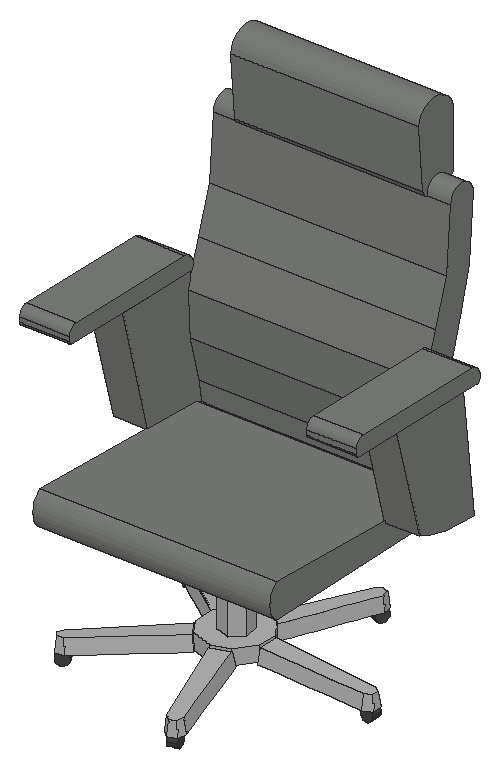
Revit family
Reference planes
  plane 1 "Center (Front/Back)": y = 0
  plane 2: z = 0
  plane 3 "Center (Left/Right)": x = 0
  plane 4: x = -303.507
  plane 5: x = 250
  plane 6: x = -276.507
  plane 7: x = 277
  plane 8: z = 1131
  plane 9: y = 358.057
  plane 10: y = 259.057
  plane 11: z = 931
Forms (mm)
  Extrusion 1, solid, material "기본재질"
    sketch origin (0, 0, 0) x (0, 1, 0) y (0, 0, 1)
      loop
        line (268.043, 796.847) -> (235.795, 699.072) -> (204.809, 600.936) -> (210.065, 499.196) -> (236.021, 399.546) -> (252.673, 297.923)
        arc (252.673, 297.923) -> (281.997, 268.919) -> (314.161, 294.738) r 30.989
        line (314.161, 294.738) -> (301.189, 394.861) -> (283.04, 495.163) -> (278.462, 596.121) -> (307.666, 693.771) -> (332.924, 792.48) -> (344.015, 941.494)
        arc (344.015, 941.494) -> (312.517, 972.992) -> (281.019, 941.494) r 31.498
        line (281.019, 941.494) -> (268.043, 796.847)
    from -276.507 to 277
  Extrusion 2, solid, material "기본재질"
    sketch origin (277, 0, 0) x (0, 1, 0) y (0, 0, 1)
      loop
        line (197.676, 676.756) -> (-120.084, 675.383)
        arc (-120.084, 675.383) -> (-134.049, 669.599) -> (-139.833, 655.634) r 19.749
        line (-139.833, 655.634) -> (-139.342, 642.937)
        arc (-139.342, 642.937) -> (-137.637, 638.821) -> (-133.521, 637.116) r 5.821
        line (-133.521, 637.116) -> (211.227, 637.116)
        arc (211.227, 637.116) -> (214.885, 638.199) -> (217.462, 641.011) r 7.138
        arc (217.462, 641.011) -> (219.128, 649.455) -> (218.877, 658.058) r 38.507
        arc (218.877, 658.058) -> (211.157, 670.673) -> (197.676, 676.756) r 25.115
    from 0 to 116.296
  Extrusion 3, solid, material "기본재질"
    sketch origin (277, 0, 0) x (0, 1, 0) y (0, 0, 1)
      loop
        line (14.72, 635.616) -> (88.483, 360.327) -> (122.438, 347.969) -> (166.284, 337.846) -> (247.024, 332.393) -> (211.308, 635.616) -> (14.72, 635.616)
    from 0 to 80.296
  Extrusion 4, solid, material "기본재질"
    sketch origin (277, 0, 0) x (0, 1, 0) y (0, 0, 1)
      loop
        arc (-226.809, 374.871) -> (-247.321, 334.761) -> (-226.809, 294.65) r 49.472
        line (-226.809, 294.65) -> (223.056, 305.329)
        arc (223.056, 305.329) -> (249.419, 329.994) -> (227.914, 358.991) r 27.117
        line (227.914, 358.991) -> (-226.809, 374.871)
    from -553.507 to 0
  Extrusion 5, solid, material "알루미늄"
    sketch origin (0, 0, 0) x (1, 0, 0) y (0, 1, 0)
      loop
        line (-75.396, 25.332) -> (-75.005, -25.496) -> (-48.544, -62.756) -> (1.095, -78.463) -> (42.817, -65.437) -> (73.09, -23.088) -> (73.583, 22.609) -> (43.39, 63.5) -> (0.083, 78.09) -> (-48.137, 62.011) -> (-75.396, 25.332)
    from 46.511 to 81.434
  Extrusion 6, solid, material "알루미늄"
    sketch origin (0, 0, 0) x (1, 0, 0) y (0, 1, 0)
      loop
        line (-33.287, 10.816) -> (-26.01, -23.42) -> (7.277, -34.235) -> (33.287, -10.816) -> (26.01, 23.42) -> (-7.277, 34.235) -> (-33.287, 10.816)
    from 81.38 to 294.671
  SweptBlend 7, solid, material "알루미늄"
    path origin (78.236, -238.661, 21.479) x (0.948607, 0.308221, 0.071727) y (-0.068217, -0.022165, 0.997424)
      loop
        line (-290.285, 60.784) -> (-290.285, 27.783)
    profile origin (-201.277, -329.48, 61.285) x (0.948607, 0.308221, 0.071727) y (0.309017, -0.951057, 0)
      loop
        line (225.847, -206.47) -> (0, -139.725) -> (-16.534, -143.578) -> (-21.327, -158.331) -> (-10.216, -171.166) -> (212.195, -250.083) -> (225.847, -206.47)
    end profile origin (-199.026, -328.749, 28.369) x (0.948607, 0.308221, 0.071727) y (0.309017, -0.951057, 0)
      loop
        line (210.7, -254.858) -> (227.341, -201.697) -> (0.161, -134.559) -> (-20.397, -139.349) -> (-26.938, -159.481) -> (-13.122, -175.44) -> (210.7, -254.858)
  Extrusion 8, solid, material "바퀴01"
    sketch origin (80.248, -175.834, 0) x (0.819152, 0.573576, 0) y (0, 0, 1)
      loop
        circle (-280.729, 14.978) r 14.978
    from -196.159 to -173.461
  SweptBlend 9, solid, material "알루미늄"
    path origin (-203.903, -150.161, 21.479) x (0.586271, -0.806933, 0.071727) y (-0.04216, 0.058029, 0.997424)
      loop
        line (-290.285, 60.784) -> (-290.285, 27.783)
    profile origin (-376.652, 87.607, 61.285) x (0.586271, -0.806933, 0.071727) y (-0.809017, -0.587785, 0)
      loop
        line (225.847, -206.47) -> (0, -139.725) -> (-16.534, -143.578) -> (-21.327, -158.331) -> (-10.216, -171.166) -> (212.195, -250.083) -> (225.847, -206.47)
    end profile origin (-375.26, 85.692, 28.369) x (0.586271, -0.806933, 0.071727) y (-0.809017, -0.587785, 0)
      loop
        line (210.7, -254.858) -> (227.341, -201.697) -> (0.161, -134.559) -> (-20.397, -139.349) -> (-26.938, -159.481) -> (-13.122, -175.44) -> (210.7, -254.858)
  Extrusion 10, solid, material "바퀴01"
    sketch origin (-143.529, -132.66, 0) x (0.798636, -0.601815, 0) y (0, 0, 1)
      loop
        circle (-280.729, 14.978) r 14.978
    from -196.159 to -173.461
  SweptBlend 11, solid, material "알루미늄"
    path origin (-205.881, 145.91, 21.479) x (-0.586271, -0.806933, 0.071727) y (0.04216, 0.058029, 0.997424)
      loop
        line (-290.285, 60.784) -> (-290.285, 27.783)
    profile origin (-33.133, 383.678, 61.285) x (-0.586271, -0.806933, 0.071727) y (-0.809017, 0.587785, 0)
      loop
        line (225.847, -206.47) -> (0, -139.725) -> (-16.534, -143.578) -> (-21.327, -158.331) -> (-10.216, -171.166) -> (212.195, -250.083) -> (225.847, -206.47)
    end profile origin (-34.524, 381.763, 28.369) x (-0.586271, -0.806933, 0.071727) y (-0.809017, 0.587785, 0)
      loop
        line (210.7, -254.858) -> (227.341, -201.697) -> (0.161, -134.559) -> (-20.397, -139.349) -> (-26.938, -159.481) -> (-13.122, -175.44) -> (210.7, -254.858)
  Extrusion 12, solid, material "바퀴01"
    sketch origin (-170.581, 93.899, 0) x (-0.325568, -0.945519, 0) y (0, 0, 1)
      loop
        circle (-280.729, 14.978) r 14.978
    from -196.159 to -173.461
  SweptBlend 13, solid, material "알루미늄"
    path origin (75.171, 239.522, 21.479) x (-0.948607, 0.308221, 0.071727) y (0.068217, -0.022165, 0.997424)
      loop
        line (-290.285, 60.784) -> (-290.285, 27.783)
    profile origin (354.684, 148.703, 61.285) x (-0.948607, 0.308221, 0.071727) y (0.309017, 0.951057, 0)
      loop
        line (225.847, -206.47) -> (0, -139.725) -> (-16.534, -143.578) -> (-21.327, -158.331) -> (-10.216, -171.166) -> (212.195, -250.083) -> (225.847, -206.47)
    end profile origin (352.433, 149.434, 28.369) x (-0.948607, 0.308221, 0.071727) y (0.309017, 0.951057, 0)
      loop
        line (210.7, -254.858) -> (227.341, -201.697) -> (0.161, -134.559) -> (-20.397, -139.349) -> (-26.938, -159.481) -> (-13.122, -175.44) -> (210.7, -254.858)
  Extrusion 14, solid, material "바퀴01"
    sketch origin (36.614, 189.877, 0) x (-0.999848, 0.017452, 0) y (0, 0, 1)
      loop
        circle (-280.729, 14.978) r 14.978
    from -196.159 to -173.461
  Extrusion 15, solid, material "기본재질"
    sketch origin (-277, 0, 0) x (0, 1, 0) y (0, 0, -1)
      loop
        arc (197.676, -676.756) -> (211.157, -670.673) -> (218.877, -658.058) r 25.115
        arc (218.877, -658.058) -> (219.128, -649.455) -> (217.462, -641.011) r 38.507
        arc (217.462, -641.011) -> (214.885, -638.199) -> (211.227, -637.116) r 7.138
        line (211.227, -637.116) -> (-133.521, -637.116)
        arc (-133.521, -637.116) -> (-137.637, -638.821) -> (-139.342, -642.937) r 5.821
        line (-139.342, -642.937) -> (-139.833, -655.634)
        arc (-139.833, -655.634) -> (-134.049, -669.599) -> (-120.084, -675.383) r 19.749
        line (-120.084, -675.383) -> (197.676, -676.756)
    from 0 to 116.296
  Extrusion 16, solid, material "기본재질"
    sketch origin (-277, 0, 0) x (0, 1, 0) y (0, 0, -1)
      loop
        line (14.72, -635.616) -> (211.308, -635.616) -> (247.024, -332.393) -> (166.284, -337.846) -> (122.438, -347.969) -> (88.483, -360.327) -> (14.72, -635.616)
    from 0 to 80.296
  SweptBlend 17, solid, material "알루미늄"
    path origin (251.242, 1.234, 21.479) x (0, 0.997424, 0.071727) y (0, -0.071727, 0.997424)
      loop
        line (-290.285, 60.784) -> (-290.285, 27.783)
    profile origin (251.242, -292.663, 61.285) x (0, 0.997424, 0.071727) y (1, 0, 0)
      loop
        line (225.847, -206.47) -> (0, -139.725) -> (-16.534, -143.578) -> (-21.327, -158.331) -> (-10.216, -171.166) -> (212.195, -250.083) -> (225.847, -206.47)
    end profile origin (251.242, -290.296, 28.369) x (0, 0.997424, 0.071727) y (1, 0, 0)
      loop
        line (210.7, -254.858) -> (227.341, -201.697) -> (0.161, -134.559) -> (-20.397, -139.349) -> (-26.938, -159.481) -> (-13.122, -175.44) -> (210.7, -254.858)
  Extrusion 18, solid, material "바퀴01"
    sketch origin (192.112, 22.562, 0) x (-0.292372, 0.956305, 0) y (0, 0, 1)
      loop
        circle (-280.729, 14.978) r 14.978
    from -196.159 to -173.461
  Extrusion 19, solid, material "기본재질"
    sketch origin (-276.507, 0, 0) x (0, -1, 0) y (0, 0, 1)
      loop
        line (-344.015, 941.494) -> (-295.435, 933.122) -> (-277.309, 941.574) -> (-271.443, 950.606) -> (-259.057, 1092.185)
        arc (-259.057, 1092.185) -> (-311.666, 1135.148) -> (-358.057, 1085.536) r 49.723
        line (-358.057, 1085.536) -> (-358.057, 955.536) -> (-344.015, 941.494)
    from -495.817 to -56.323
Dimensions and locks
  plane 4 to plane 5 = 553.507 mm
  plane 3 "Center (Left/Right)" to plane 5 = 250 mm
  plane 4 to plane 3 "Center (Left/Right)" = 303.507 mm
  plane 8 to level = 1131 mm
